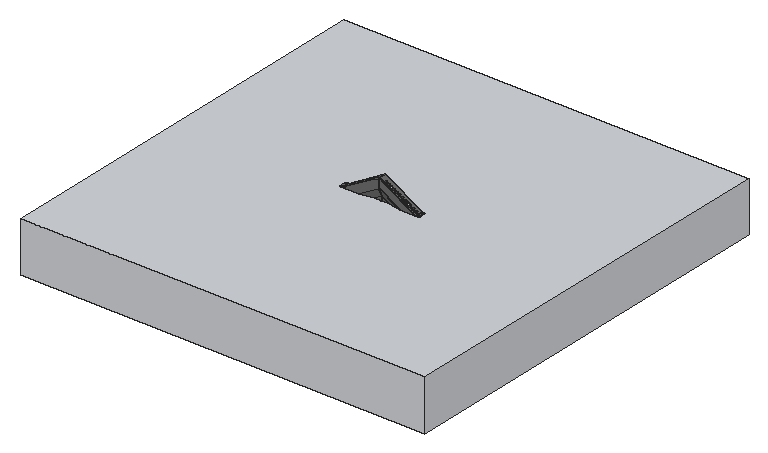
Revit family
Parameters (values of type "Z6-PNLA-24K")
  Weight = 3.61 lbf
  U/M = "EA"
  U Space = "1"
  System = "Cat 6 UTP"
  Serial Number = "Z6-PNLA-24K"
  Segment = "COPPER"
  Ports = "24"
  Model = "PATCH PANELS"
  Metal = none
  Manufacturer = "SIEMON"
  Loaded/Empty = "Populated"
  Item Group = "PATCH PANELS"
  Item Class = "GJ"
  Description = "ZMAX 24 PORT CAT 6 UTP PATCH PNL ANGLED 1 RMS,BLACK,W JACKS"
  Default Elevation = 4' - 0"
  Color = "Black"
Types (6): name | Weight | System | Serial Number | Loaded/Empty | Item Class | Description
  (no name) | 3.61 lbf | "Cat 6 UTP" | "Z6-PNLA-24K" | "Populated" | "GJ" | "ZMAX 24 PORT CAT 6 UTP PATCH PNL ANGLED 1 RMS,BLACK,W JACKS"
  Z6AS-PNLA-24E | 2.80 lbf | "Cat 6A Shielded" | "Z6AS-PNLA-24E" | "Empty" | "GK" | "ZMAX 24 PORT 6A SHIELDED PATCH PANEL,ANGLED 1 RMS,BLACK,EMPTY"
  Z6AS-PNLA-24K | 4.21 lbf | "Cat 6A Shielded" | "Z6AS-PNLA-24K" | "Populated" | "GK" | "ZMAX 24 PORT 6A SHIELDED PATCH PANEL,ANGLED 1 RMS,BLACK,W JACKS"
  Z6A-PNLA-24E | 2.80 lbf | "Cat 6A UTP" | "Z6A-PNLA-24E" | "Empty" | "GL" | "ZMAX 24 PORT 6A UTP PATCH PANEL ANGLED 1 RMS,BLACK,EMPTY"
  Z6A-PNLA-24K | 3.55 lbf | "Cat 6A UTP" | "Z6A-PNLA-24K" | "Populated" | "GL" | "ZMAX 24 PORT 6A UTP PATCH PANEL ANGLED 1 RMS,BLACK,W JACKS"
  Z6-PNLA-24K | 3.61 lbf | "Cat 6 UTP" | "Z6-PNLA-24K" | "Populated" | "GJ" | "ZMAX 24 PORT CAT 6 UTP PATCH PNL ANGLED 1 RMS,BLACK,W JACKS"
Reference planes (in)
  plane 1 "Center (Front/Back)": y = 0
  plane 2: z = 0
  plane 3 "Center (Left/Right)": x = 0
Forms (in)
  Extrusion 1, solid
    sketch origin (0, 0, 0) x (1, 0, 0) y (0, 1, 0)
      loop
        line (-48, 48) -> (-48, -48) -> (48, -48) -> (48, 48) -> (-48, 48)
    from 0 to -12
Dimensions and locks (in)
  aligned and locked: plane 2 to Extrusion 1
  aligned and locked: level to Extrusion 1
Nested families (in)
  nested 1: "Z6A(S)-PNLA-24[1]" at (12.86211, -4.82819, 0.159), type "Z6A(S)-PNLA-24[1]"
Definition of nested family "Z6A(S)-PNLA-24[1]"
  Parameters (values of type "Z6A(S)-PNLA-24[1]")
    Weight = "1.2 kgs (2.7 lbs)"
    UL Rating = "UL 1863"
    U Space / Capacity = "1U"
    Text = Text
    Part Number = "Z6A(S)-PNLA-24"
    Material = Cold rolled steel (CRS)
    Manufacturer Contact Info / Website = "www.siemon.com"
    Manufacturer = "Siemon"
    Dimensions (H x W x D) = "44.5mm x 483mm x 227mm\r\n(1.75 in. x 19.0 in. x 8.95 in.)"
    Description = "24-port Angled Z-MAX Copper Patch Panel"
    Clearance = "50mm (2.0 in.) Front and Rear"
    Assembly Code = ""
  Reference planes (in)
    plane 1 "Center (Front/Back)": y = 4.82819
    plane 2: z = -0.159
  Forms (in)
    Extrusion 1, solid, material "Cold rolled steel (CRS)" <- "Material"
      sketch origin (0, 3.34795, 4.94922) x (1, 0, 0) y (0, 1, 0)
        loop
          arc (-22.23655, 1.73252) -> (-22.32006, 1.69796) -> (-22.35466, 1.61447) r 0.11805
          line (-22.35466, 1.61447) -> (-22.35466, 0.12159)
          arc (-22.35466, 0.12159) -> (-22.32009, 0.03812) -> (-22.23662, 0.00354) r 0.11805
          line (-22.23662, 0.00354) -> (-21.71918, 0.00354) -> (-21.67984, 0.04289) -> (-21.67984, 1.69317) -> (-21.71918, 1.73252) -> (-22.23655, 1.73252)
        loop
          line (-21.93827, 1.63237) -> (-22.06812, 1.63237)
          arc (-22.06812, 1.63237) -> (-22.20781, 1.49269) -> (-22.06812, 1.353) r 0.13969
          line (-22.06812, 1.353) -> (-21.93827, 1.353)
          arc (-21.93827, 1.353) -> (-21.79858, 1.49269) -> (-21.93827, 1.63237) r 0.13969
        loop
          line (-21.93827, 0.38306) -> (-22.06812, 0.38306)
          arc (-22.06812, 0.38306) -> (-22.20781, 0.24337) -> (-22.06812, 0.10368) r 0.13969
          line (-22.06812, 0.10368) -> (-21.93827, 0.10368)
          arc (-21.93827, 0.10368) -> (-21.79858, 0.24337) -> (-21.93827, 0.38306) r 0.13969
      from -5.11198 to -5.06421
    Extrusion 2, solid, material "Cold rolled steel (CRS)" <- "Material"
      sketch origin (-45.18021, 86.69591, -21.02956) x (0, -1, 0) y (0.866025, 0, 0.5)
        loop
          line (83.34796, 39.74224) -> (83.34796, 40.87041) -> (81.67918, 40.87041) -> (81.67918, 30.91049) -> (83.34796, 30.91049) -> (83.34796, 39.74224)
        loop
          line (82.45827, 31.78405) -> (83.07638, 31.78405) -> (83.07638, 32.4061) -> (82.45827, 32.4061) -> (82.45827, 31.78405)
        loop
          line (82.45827, 32.51358) -> (83.07638, 32.51358) -> (83.07638, 33.13563) -> (82.45827, 33.13563) -> (82.45827, 32.51358)
        loop
          line (82.45827, 33.24311) -> (83.07638, 33.24311) -> (83.07638, 33.86516) -> (82.45827, 33.86516) -> (82.45827, 33.24311)
        loop
          line (82.45827, 33.97264) -> (83.07638, 33.97264) -> (83.07638, 34.59468) -> (82.45827, 34.59468) -> (82.45827, 33.97264)
        loop
          line (82.45827, 34.70216) -> (83.07638, 34.70216) -> (83.07638, 35.32421) -> (82.45827, 35.32421) -> (82.45827, 34.70216)
        loop
          line (82.45827, 35.45008) -> (83.07638, 35.45008) -> (83.07638, 36.07213) -> (82.45827, 36.07213) -> (82.45827, 35.45008)
        loop
          line (82.45827, 36.17961) -> (83.07638, 36.17961) -> (83.07638, 36.80165) -> (82.45827, 36.80165) -> (82.45827, 36.17961)
        loop
          line (82.45827, 36.90913) -> (83.07638, 36.90913) -> (83.07638, 37.53118) -> (82.45827, 37.53118) -> (82.45827, 36.90913)
        loop
          line (82.45827, 37.63866) -> (83.07638, 37.63866) -> (83.07638, 38.26071) -> (82.45827, 38.26071) -> (82.45827, 37.63866)
        loop
          line (82.45827, 38.36819) -> (83.07638, 38.36819) -> (83.07638, 38.99024) -> (82.45827, 38.99024) -> (82.45827, 38.36819)
        loop
          line (82.45827, 39.09772) -> (83.07638, 39.09772) -> (83.07638, 39.71976) -> (82.45827, 39.71976) -> (82.45827, 39.09772)
        loop
          line (82.45827, 31.05453) -> (83.07638, 31.05453) -> (83.07638, 31.67657) -> (82.45827, 31.67657) -> (82.45827, 31.05453)
      from 6.28392 to 6.34349
    Extrusion 3, solid, material "Cold rolled steel (CRS)" <- "Material"
      sketch origin (0, 3.34795, 4.94922) x (1, 0, 0) y (0, 0, -1)
        loop
          arc (-21.61547, 5.104) -> (-21.62984, 5.10995) -> (-21.64525, 5.11198) r 0.05957
          line (-21.64525, 5.11198) -> (-21.67984, 5.11198) -> (-21.67984, 5.06421) -> (-21.64209, 5.06421) -> (-21.58268, 5.02991) -> (-21.55879, 5.07127) -> (-21.61547, 5.104)
      from 0.06639 to 1.66878
    Extrusion 4, solid, material "Cold rolled steel (CRS)" <- "Material"
      sketch origin (-62.09698, -1.30293, -12.50922) x (0.981796, 0.187303, 0.03153) y (-0.03153, 0.324419, -0.945388)
        loop
          line (42.7605, -8.44129) -> (41.93345, -9.87378) -> (49.68117, -14.34693) -> (49.7414, -12.47171) -> (42.7605, -8.44129)
      from 0 to 0.04724
    Extrusion 5, solid, material "Cold rolled steel (CRS)" <- "Material"
      sketch origin (-62.4454, 3.96426, -12.61826) x (1, 0, 0) y (0, 0, -1)
        loop
          line (43.02899, -8.68879) -> (42.58783, -9.4529) -> (49.57332, -13.48598) -> (49.57332, -12.46716) -> (43.02899, -8.68879)
      from 0 to 0.04724
    Extrusion 6, solid, material "Cold rolled steel (CRS)" <- "Material"
      sketch origin (-34.90235, 86.7619, -15.57054) x (0, -1, 0) y (0.5, 0, -0.866025)
        loop
          arc (82.81764, -2.27125) -> (82.77009, -2.29094) -> (82.75039, -2.33849) r 0.06724
          line (82.75039, -2.33849) -> (82.79764, -2.33849)
          arc (82.79764, -2.33849) -> (82.8035, -2.32435) -> (82.81764, -2.31849) r 0.02
          line (82.81764, -2.31849) -> (82.81764, -2.27125)
      from 19.23175 to 26.78745
    Extrusion 7, solid, material "Cold rolled steel (CRS)" <- "Material"
      sketch origin (0, 3.34795, 4.94922) x (1, 0, 0) y (0, 0, -1)
        loop
          line (-21.59476, 5.10567) -> (-12.92735, 0.10154) -> (-12.87192, 0.19756) -> (-12.87192, 0.49145) -> (-12.87192, 2.33092) -> (-20.61556, 6.80171) -> (-21.59476, 5.10567)
      from 0 to 0.05957
    Extrusion 8, solid, material "Cold rolled steel (CRS)" <- "Material"
      sketch origin (-25.70933, 3.34795, 4.94922) x (-1, 0, 0) y (0, -1, 0)
        loop
          line (-22.23655, -1.73252) -> (-21.67984, -1.73252) -> (-21.67984, -0.00354) -> (-22.23662, -0.00354)
          arc (-22.23662, -0.00354) -> (-22.32009, -0.03812) -> (-22.35466, -0.12159) r 0.11805
          line (-22.35466, -0.12159) -> (-22.35466, -1.61447)
          arc (-22.35466, -1.61447) -> (-22.32006, -1.69796) -> (-22.23655, -1.73252) r 0.11805
        loop
          arc (-21.93827, -1.63237) -> (-21.79858, -1.49269) -> (-21.93827, -1.353) r 0.13969
          line (-21.93827, -1.353) -> (-22.06812, -1.353)
          arc (-22.06812, -1.353) -> (-22.20781, -1.49269) -> (-22.06812, -1.63237) r 0.13969
          line (-22.06812, -1.63237) -> (-21.93827, -1.63237)
        loop
          arc (-21.93827, -0.38306) -> (-21.79858, -0.24337) -> (-21.93827, -0.10368) r 0.13969
          line (-21.93827, -0.10368) -> (-22.06812, -0.10368)
          arc (-22.06812, -0.10368) -> (-22.20781, -0.24337) -> (-22.06812, -0.38306) r 0.13969
          line (-22.06812, -0.38306) -> (-21.93827, -0.38306)
      from -5.11198 to -5.06421
    Extrusion 9, solid, material "Cold rolled steel (CRS)" <- "Material"
      sketch origin (19.47088, 86.69591, -21.02956) x (0, -1, 0) y (0.866025, 0, -0.5)
        loop
          line (83.34796, -39.74224) -> (83.34796, -30.91049) -> (81.67918, -30.91049) -> (81.67918, -40.87041) -> (83.34796, -40.87041) -> (83.34796, -39.74224)
        loop
          line (82.45827, -31.78405) -> (82.45827, -32.4061) -> (83.07638, -32.4061) -> (83.07638, -31.78405) -> (82.45827, -31.78405)
        loop
          line (82.45827, -32.51358) -> (82.45827, -33.13563) -> (83.07638, -33.13563) -> (83.07638, -32.51358) -> (82.45827, -32.51358)
        loop
          line (82.45827, -33.24311) -> (82.45827, -33.86516) -> (83.07638, -33.86516) -> (83.07638, -33.24311) -> (82.45827, -33.24311)
        loop
          line (82.45827, -33.97264) -> (82.45827, -34.59468) -> (83.07638, -34.59468) -> (83.07638, -33.97264) -> (82.45827, -33.97264)
        loop
          line (82.45827, -34.70216) -> (82.45827, -35.32421) -> (83.07638, -35.32421) -> (83.07638, -34.70216) -> (82.45827, -34.70216)
        loop
          line (82.45827, -35.45008) -> (82.45827, -36.07213) -> (83.07638, -36.07213) -> (83.07638, -35.45008) -> (82.45827, -35.45008)
        loop
          line (82.45827, -36.17961) -> (82.45827, -36.80165) -> (83.07638, -36.80165) -> (83.07638, -36.17961) -> (82.45827, -36.17961)
        loop
          line (82.45827, -36.90913) -> (82.45827, -37.53118) -> (83.07638, -37.53118) -> (83.07638, -36.90913) -> (82.45827, -36.90913)
        loop
          line (82.45827, -37.63866) -> (82.45827, -38.26071) -> (83.07638, -38.26071) -> (83.07638, -37.63866) -> (82.45827, -37.63866)
        loop
          line (82.45827, -38.36819) -> (82.45827, -38.99024) -> (83.07638, -38.99024) -> (83.07638, -38.36819) -> (82.45827, -38.36819)
        loop
          line (82.45827, -39.09772) -> (82.45827, -39.71976) -> (83.07638, -39.71976) -> (83.07638, -39.09772) -> (82.45827, -39.09772)
        loop
          line (82.45827, -31.05453) -> (82.45827, -31.67657) -> (83.07638, -31.67657) -> (83.07638, -31.05453) -> (82.45827, -31.05453)
      from 6.28392 to 6.34349
    Extrusion 10, solid, material "Cold rolled steel (CRS)" <- "Material"
      sketch origin (-25.70933, 3.34795, 4.94922) x (-1, 0, 0) y (0, 0, 1)
        loop
          line (-21.61547, -5.104) -> (-21.55879, -5.07127) -> (-21.58268, -5.02991) -> (-21.64209, -5.06421) -> (-21.67984, -5.06421) -> (-21.67984, -5.11198) -> (-21.64525, -5.11198)
          arc (-21.64525, -5.11198) -> (-21.62984, -5.10995) -> (-21.61547, -5.104) r 0.05957
      from 0.06639 to 1.66878
    Extrusion 11, solid, material "Cold rolled steel (CRS)" <- "Material"
      sketch origin (36.38765, -1.30293, -12.50922) x (-0.981796, 0.187303, 0.03153) y (-0.03153, -0.324419, 0.945388)
        loop
          line (42.7605, 8.44129) -> (49.7414, 12.47171) -> (49.68117, 14.34693) -> (41.93345, 9.87378) -> (42.7605, 8.44129)
      from 0 to 0.04724
    Extrusion 12, solid, material "Cold rolled steel (CRS)" <- "Material"
      sketch origin (36.73607, 3.96426, -12.61826) x (-1, 0, 0) y (0, 0, 1)
        loop
          line (43.02899, 8.68879) -> (49.57332, 12.46716) -> (49.57332, 13.48598) -> (42.58783, 9.4529) -> (43.02899, 8.68879)
      from 0 to 0.04724
    Extrusion 13, solid, material "Cold rolled steel (CRS)" <- "Material"
      sketch origin (9.19302, 86.7619, -15.57054) x (0, -1, 0) y (0.5, 0, 0.866025)
        loop
          line (82.81764, 2.27125) -> (82.81764, 2.31849)
          arc (82.81764, 2.31849) -> (82.8035, 2.32435) -> (82.79764, 2.33849) r 0.02
          line (82.79764, 2.33849) -> (82.75039, 2.33849)
          arc (82.75039, 2.33849) -> (82.77009, 2.29094) -> (82.81764, 2.27125) r 0.06724
      from 19.23175 to 26.78745
    Extrusion 14, solid, material "Cold rolled steel (CRS)" <- "Material"
      sketch origin (-25.70933, 3.34795, 4.94922) x (-1, 0, 0) y (0, 0, 1)
        loop
          line (-21.59476, -5.10567) -> (-20.61556, -6.80171) -> (-12.87192, -2.33092) -> (-12.87192, -0.49145) -> (-12.87192, -0.19756) -> (-12.92735, -0.10154) -> (-21.59476, -5.10567)
      from 0 to 0.05957
    Extrusion 15, solid, material "Cold rolled steel (CRS)" <- "Material"
      sketch origin (-51.94313, 4.02546, 27.4123) x (0, -1, 0) y (0.866025, 0, -0.5)
        loop
          line (-0.83918, 46.80026) -> (-0.89112, 46.80026) -> (-0.89112, 46.50499) -> (-0.83918, 46.50499) -> (-0.83918, 46.80026)
      from 0.05925 to 0.09862
    Extrusion 16, solid, material "Cold rolled steel (CRS)" <- "Material"
      sketch origin (-50.67444, 4.02546, 26.67982) x (0, -1, 0) y (0.866025, 0, -0.5)
        loop
          line (-0.83918, 46.80026) -> (-0.89112, 46.80026) -> (-0.89112, 46.50499) -> (-0.83918, 46.50499) -> (-0.83918, 46.80026)
      from 0.05925 to 0.09862
    Extrusion 17, solid, material "Cold rolled steel (CRS)" <- "Material"
      sketch origin (-48.77907, 4.02546, 25.58552) x (0, -1, 0) y (0.866025, 0, -0.5)
        loop
          line (-0.83918, 46.80026) -> (-0.89112, 46.80026) -> (-0.89112, 46.50499) -> (-0.83918, 46.50499) -> (-0.83918, 46.80026)
      from 0.05925 to 0.09862
    Extrusion 18, solid, material "Cold rolled steel (CRS)" <- "Material"
      sketch origin (-48.13136, 4.02546, 25.21157) x (0, -1, 0) y (0.866025, 0, -0.5)
        loop
          line (-0.83918, 46.80026) -> (-0.89112, 46.80026) -> (-0.89112, 46.50499) -> (-0.83918, 46.50499) -> (-0.83918, 46.80026)
      from 0.05925 to 0.09862
    Extrusion 19, solid, material "Cold rolled steel (CRS)" <- "Material"
      sketch origin (-46.86778, 4.02546, 24.48204) x (0, -1, 0) y (0.866025, 0, -0.5)
        loop
          line (-0.83918, 46.80026) -> (-0.89112, 46.80026) -> (-0.89112, 46.50499) -> (-0.83918, 46.50499) -> (-0.83918, 46.80026)
      from 0.05925 to 0.09862
    Extrusion 20, solid, material "Cold rolled steel (CRS)" <- "Material"
      sketch origin (-44.97241, 4.02546, 23.38775) x (0, -1, 0) y (0.866025, 0, -0.5)
        loop
          line (-0.83918, 46.80026) -> (-0.89112, 46.80026) -> (-0.89112, 46.50499) -> (-0.83918, 46.50499) -> (-0.83918, 46.80026)
      from 0.05925 to 0.09862
  Cuts and joins
    joined: Extrusion 1, Extrusion 3
    joined: Extrusion 9, Extrusion 15, Extrusion 16, Extrusion 17, Extrusion 18, Extrusion 19, Extrusion 20
  Lines and regions (in)
    reference lines
      curve 1: line (-21.99597, 4.82819, 2.59691) -> (-21.99597, 4.82819, -1.3401)
      curve 2: line (-3.72825, 4.82819, 2.59691) -> (-3.72825, 4.82819, -1.3401)
      curve 3: line (-12.86211, 4.82819, 3.35969) -> (-12.86211, 4.82819, -1.75842)
  Dimensions and locks (in)
    curve 1 to curve 3 = 0' - 9.13386"
    curve 3 to curve 2 = 0' - 9.13386"
